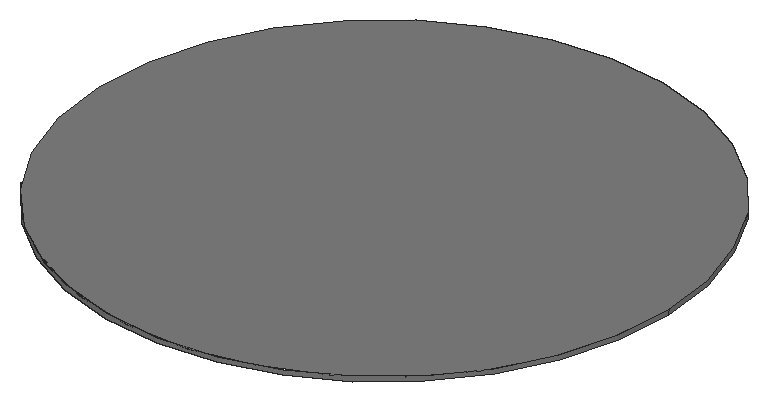
Revit family "2612-30-CC1", category Lighting Fixtures, Revit 2014
Parameters
  Wattage = 12.1178 W
  built-in parameter 1150110 = 1 (stored number, unit not read)
  built-in parameter 1114217 = 1 (stored number, unit not read)
  built-in parameter 1150109 = 1 (stored number, unit not read)
  built-in parameter 1150134 = (empty or 0)
  built-in parameter 1150113 = 1 (stored number, unit not read)
  Lumens = 1800 lm
  built-in parameter 1150115 = 1 (stored number, unit not read)
  built-in parameter 1150105 = 143.24 (stored number, unit not read)
  Light Source Symbol Size = 2' - 0"
  built-in parameter 1150137 = (empty or 0)
  built-in parameter 1150139 = (empty or 0)
  built-in parameter 1150112 = 1 (stored number, unit not read)
  built-in parameter 1150114 = 1 (stored number, unit not read)
  built-in parameter 1150132 = 2
  built-in parameter 1150102 = (empty or 0)
  built-in parameter 1150138 = (empty or 0)
  built-in parameter 1150107 = 3000 (stored number, unit not read)
  built-in parameter 1150106 = 1.4324 (stored number, unit not read)
  built-in parameter 1150104 = 13.8 (stored number, unit not read)
  Dimming Lamp Color Temperature Shift = (empty or 0)
  Color Filter = 16777215
  built-in parameter 1114218 = 1 (stored number, unit not read)
  built-in parameter 1150133 = 10 (stored number, unit not read)
Reference planes (in)
  plane 1 "Light Source Axis (F/B)": y = 0
  plane 2: z = 0
  plane 3 "Light Source Axis (L/R)": x = 0
  plane 4 "Light Source Elevation": z = -32.76257
  plane 5: z = -32.76257
Forms (in)
  Extrusion 1, solid, material "ACRYLIC, BROWNLEE"
    sketch origin (0, 14.25, -32.76257) x (0, 1, 0) y (-1, 0, 0)
      loop
        circle (-14.25, 0) r 14.94239
    from 0 to 0.25
Dimensions and locks (in)
  aligned and locked: plane 3 "Light Source Axis (L/R)" to imposter light
  aligned and locked: plane 1 "Light Source Axis (F/B)" to imposter light
  aligned and locked: plane 4 "Light Source Elevation" to imposter light
  aligned and locked: level to plane 2
